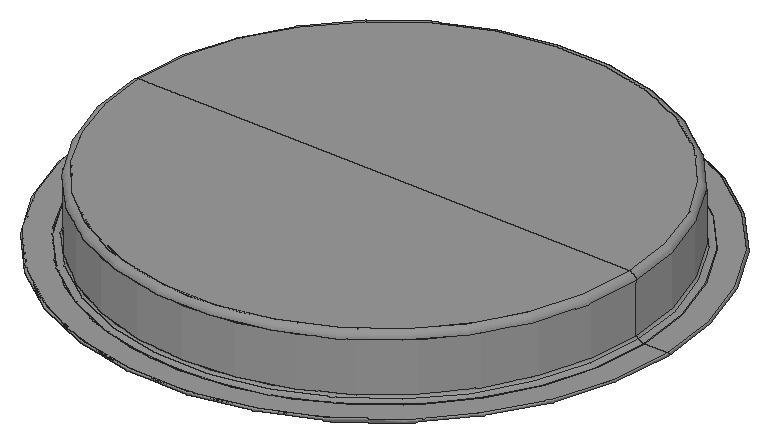
Revit family "MIA12_63_UN_Downlighter_ETK", category Lighting Fixtures, Revit 2017 (continued)
Definition of nested family "MIA.1 - Lightsource"
  Types (8, lengths in mm): name | Wattage | built-in parameter 1150134 | Photometric Web File | built-in parameter 1150142 | built-in parameter 1150105 | Lumens | built-in parameter 1150107 | built-in parameter 1150106
       317.2972 314.8072 312.5106 \r\n309.5975 306.3218 303.0219 299.8549 296.9781 293.2914 \r\n289.9674 286.5103 282.8599 279.1249 275.559 271.2559 \r\n267.7868 263.5441 259.2893 255.2278 250.9005 246.7908 \r\n242.0887 237.1208 232.6846 227.8375 223.7157 218.2763 \r\n212.8369 207.3976 202.3812 197.2924 192.2277 186.9334 \r\n181.7237 176.7194 171.4856 166.2758 160.6672 155.2158 \r\n149.8731 144.4216 138.9581 133.6275 128.4298 122.8938 \r\n117.2851 111.8095 106.4306 100.8582 95.3584 89.9432 84.4192 \r\n79.0886 73.758 68.234 62.9034 57.6454 52.4961 47.2984 \r\n42.1492 37.1449 32.2253 27.2936 22.4586 17.7203 13.0062 \r\n8.4492 4.0735 1.1121 0.0604 0.0604 0.0604 0.0604 0.0725 \r\n0.0725 0.0725 0.0846 0.0846 0.0967 0.1088 0.1209 0.1209 \r\n0.133 0.133 0.1571 0.1571 0.1692 0.1813 0.1813 0.1934 \r\n0.2055 0.2055 0.2176 0.2297 0.2297 0.2418 0.2538 0.2538 \r\n0.2659 0.2659 0.278 0.2901 0.2901 0.3022 0.3022 0.3143 \r\n0.3264 0.3264 0.3385 0.3385 0.3505 0.3505 0.3626 0.3626 \r\n0.3747 0.3868 0.3868 0.3868 0.411 0.411 0.4231 0.4231 \r\n0.4352 0.4352 0.4472 0.4472 0.4593 0.4593 0.4593 0.4714 \r\n0.4714 0.4714 0.4835 0.4835 0.4835 0.4956 0.4956 0.5198 \r\n0.5198 0.5319 0.5439 0.5439 0.556 0.5681 0.5802 0.5923 \r\n0.5923 0.6044 0.6044 0.6165 0.6165 0.6165 0.6165 0.6286 \r\n0.6286 0.6286 0.6286 0.6286 0.6286 0.6406 \r\n347.3105 347.2259 347.5644 346.8875 346.0776 344.0106 \r\n343.9018 343.2612 342.1612 340.5657 339.6833 338.0152 \r\n335.8637 334.2923 332.4066 330.5572 328.9254 326.3508 \r\n324.0904 321.5762 319.3521 316.4269 313.5501 311.0117 \r\n308.014 304.968 301.8373 297.9935 295.3947 291.9255 \r\n288.2872 284.9873 281.2764 277.2392 273.4437 269.5032 \r\n265.0671 261.2233 256.8113 253.3664 248.6402 244.1919 \r\n239.5503 235.223 230.5572 225.9398 221.0444 216.2456 \r\n211.2656 206.2734 201.4989 196.5188 191.1761 186.0389 \r\n180.8776 175.4382 170.1438 164.7286 159.2409 154.14 \r\n148.7489 143.2612 137.7372 132.189 126.9431 121.129 \r\n115.9072 110.4194 104.9317 99.4319 93.9925 88.4202 83.1621 \r\n77.6623 72.235 67.0615 61.6826 56.4366 51.1664 46.0534 \r\n40.9525 35.9483 30.9924 26.0486 21.274 16.4511 11.7732 \r\n7.2283 3.0219 0.689 0.0846 0.0846 0.0725 0.0725 0.0725 \r\n0.0725 0.0725 0.0725 0.0725 0.0846 0.0846 0.0967 0.0967 \r\n0.1088 0.1088 0.1209 0.133 0.1451 0.1571 0.1571 0.1692 \r\n0.1813 0.1813 0.1934 0.2055 0.2176 0.2176 0.2297 0.2297 \r\n0.2418 0.2538 0.2659 0.2659 0.278 0.278 0.278 0.2901 0.2901 \r\n0.3022 0.3143 0.3264 0.3264 0.3264 0.3385 0.3385 0.3505 \r\n0.3626 0.3626 0.3868 0.3868 0.3868 0.3989 0.3989 0.411 \r\n0.411 0.4231 0.4352 0.4352 0.4352 0.4352 0.4472 0.4472 \r\n0.4472 0.4593 0.4593 0.4593 0.4714 0.4714 0.4956 0.4956 \r\n0.5077 0.5077 0.5198 0.5439 0.556 0.556 0.556 0.5681 0.5802 \r\n0.5923 0.6165 0.6286 0.6286 0.6286 0.6406 0.6406 0.6406 \r\n0.6406 0.6406 0.6406 0.6406 \r\n346.7666 346.4402 345.9567 345.9446 345.3282 344.204 \r\n343.8293 342.4634 341.1822 340.2998 338.5833 337.3625 \r\n335.9362 333.8813 331.8143 330.2671 327.9463 326.0123 \r\n323.1234 320.851 318.8444 316.161 313.3084 309.9601 307.047 \r\n304.4119 301.0274 298.2352 294.5002 291.164 287.5257 284.25 \r\n280.6479 276.792 273.202 268.9955 264.7286 260.4497 \r\n256.6421 252.0972 247.9874 243.7689 239.3207 234.3406 \r\n229.9045 225.2992 220.0169 214.7347 209.4524 204.3515 \r\n199.033 194.0409 188.9399 184.0687 178.9073 173.8547 \r\n168.5241 163.121 157.8025 152.2422 146.8875 141.4481 \r\n136.0812 130.7869 125.1058 119.7026 114.3721 108.7997 \r\n103.3724 97.8605 92.4816 87.0543 81.6632 76.1876 70.7845 \r\n65.4901 60.1837 54.974 49.8006 44.5062 39.4778 34.4615 \r\n29.5298 24.719 19.896 15.1094 10.4557 5.9591 2.0911 0.2538 \r\n0.0725 0.0725 0.0725 0.0725 0.0725 0.0846 0.0846 0.0967 \r\n0.0967 0.1088 0.1209 0.1209 0.133 0.1451 0.1451 0.1571 \r\n0.1692 0.1692 0.1813 0.1934 0.1934 0.2176 0.2176 0.2297 \r\n0.2297 0.2418 0.2538 0.2538 0.2659 0.278 0.278 0.2901 \r\n0.2901 0.3022 0.3022 0.3143 0.3264 0.3264 0.3385 0.3385 \r\n0.3505 0.3505 0.3626 0.3626 0.3747 0.3747 0.3868 0.3868 \r\n0.3989 0.411 0.4231 0.4231 0.4352 0.4352 0.4472 0.4593 \r\n0.4593 0.4593 0.4714 0.4714 0.4714 0.4835 0.4835 0.4835 \r\n0.4835 0.4956 0.4956 0.5198 0.5198 0.5319 0.5439 0.556 \r\n0.556 0.5681 0.5802 0.5923 0.5923 0.6044 0.6044 0.6165 \r\n0.6165 0.6165 0.6165 0.6286 0.6286 0.6286 0.6286 0.6286 \r\n0.6286 0.6286 0.6406 \r\n348.3742 347.5281 347.0446 347.1171 345.6545 344.7842 \r\n343.8777 343.237 342.1008 340.3965 338.4987 337.5438 \r\n335.912 334.1956 332.2737 329.9529 327.7408 325.8915 \r\n323.3652 320.5488 318.3126 315.8226 312.6315 309.8392 \r\n307.0591 303.2636 300.5198 297.5341 294.0892 290.463 \r\n286.8609 282.6061 279.0161 275.5953 271.2438 267.8956 \r\n263.6287 259.6156 255.0465 251.1302 247.0688 241.9437 \r\n237.6163 232.9385 228.3694 223.6674 218.7598 213.8281 \r\n208.6547 204.0251 198.9605 194.1738 189.0729 183.6335 \r\n178.7381 173.4196 167.9197 162.7342 157.2465 151.8433 \r\n146.2106 140.8316 135.1988 129.832 124.308 118.7477 \r\n113.2117 107.7602 102.3208 97.099 91.5146 86.0389 80.5633 \r\n75.2206 69.7329 64.5111 59.2288 53.9707 48.7731 43.6359 \r\n38.6196 33.6637 28.732 23.7036 18.9653 14.2391 9.537 5.0888 \r\n1.5835 0.1451 0.0846 0.0846 0.0846 0.0846 0.0846 0.0846 \r\n0.0846 0.0846 0.0846 0.0846 0.0846 0.0967 0.0967 0.1209 \r\n0.1209 0.133 0.1451 0.1571 0.1571 0.1571 0.1692 0.1813 \r\n0.1934 0.2055 0.2055 0.2176 0.2297 0.2297 0.2418 0.2418 \r\n0.2538 0.2659 0.2659 0.278 0.278 0.2901 0.2901 0.3022 \r\n0.3022 0.3264 0.3264 0.3264 0.3264 0.3385 0.3385 0.3505 \r\n0.3626 0.3626 0.3747 0.3868 0.3868 0.3989 0.411 0.411 \r\n0.4231 0.4352 0.4352 0.4472 0.4472 0.4472 0.4472 0.4472 \r\n0.4472 0.4593 0.4593 0.4593 0.4714 0.4835 0.4956 0.4956 \r\n0.5077 0.5198 0.5319 0.5439 0.556 0.556 0.5681 0.5681 \r\n0.5802 0.5923 0.6165 0.6286 0.6406 0.6406 0.6406 0.6527 \r\n0.6527 0.6527 0.6648 0.6406 0.6406 \r\n347.794 347.371 346.549 345.9688 345.4491 344.1557 343.1403 \r\n342.959 341.8953 340.8316 339.2965 338.0152 336.5526 \r\n334.2439 332.5758 330.7385 328.2364 325.9277 323.6069 \r\n321.1531 318.0829 315.8951 312.9941 310.1777 306.8174 \r\n304.1702 301.0758 297.6429 294.3914 290.8014 287.2477 \r\n283.7906 280.1644 276.5623 272.1262 268.1736 264.1605 \r\n259.8936 255.7597 251.5774 246.4886 242.3305 237.8581 \r\n233.2165 228.6595 224.2596 218.8323 213.4051 207.9898 \r\n202.9373 197.8847 193.0134 188.0938 182.6544 177.2996 \r\n172.0778 166.6143 161.1386 155.9289 150.6588 145.3161 \r\n139.8042 134.3165 128.7199 123.3893 117.8049 112.4501 \r\n106.902 101.4384 95.9265 90.5597 84.9752 79.4875 74.1569 \r\n68.8867 63.5803 58.153 53.0037 47.8545 42.7052 37.6526 \r\n32.6725 27.7529 22.8938 18.0708 13.3688 8.7393 4.3757 \r\n1.2571 0.0725 0.0725 0.0725 0.0725 0.0846 0.0846 0.0967 \r\n0.1088 0.1088 0.1088 0.1209 0.133 0.1451 0.1451 0.1571 \r\n0.1571 0.1692 0.1813 0.1934 0.1934 0.2055 0.2055 0.2176 \r\n0.2297 0.2418 0.2418 0.2538 0.2659 0.2659 0.278 0.2901 \r\n0.3022 0.3022 0.3022 0.3143 0.3143 0.3264 0.3264 0.3385 \r\n0.3385 0.3505 0.3626 0.3626 0.3747 0.3747 0.3868 0.3989 \r\n0.3989 0.3989 0.411 0.4231 0.4352 0.4352 0.4472 0.4472 \r\n0.4593 0.4593 0.4714 0.4714 0.4835 0.4835 0.4835 0.4835 \r\n0.4835 0.4956 0.4956 0.5077 0.5077 0.5198 0.5319 0.5439 \r\n0.5439 0.556 0.556 0.5681 0.5802 0.5923 0.6044 0.6044 \r\n0.6165 0.6165 0.6165 0.6165 0.6286 0.6286 0.6286 0.6406 \r\n0.6406 0.6286 0.6286 0.6286 0.6406 \r\n346.5369 347.3589 346.6941 345.5578 344.8689 344.5546 \r\n343.6843 342.4755 341.2909 340.0701 337.979 336.4439 \r\n334.7033 332.878 330.8957 328.7804 326.242 324.5497 \r\n322.4828 319.6543 317.128 314.1061 311.5073 308.9568 \r\n306.1767 302.4538 299.6857 296.2045 292.9772 289.0729 \r\n285.5796 282.1588 278.4238 274.3503 270.4219 266.6747 \r\n262.3595 258.2618 253.7773 249.5105 245.026 240.8558 \r\n236.0571 231.5242 226.7376 221.9267 217.5269 212.4622 \r\n207.3009 202.3208 197.1232 192.2398 187.2598 182.1226 \r\n176.5623 171.4614 166.1912 160.8969 155.4817 150.1632 \r\n144.748 139.1877 133.6637 128.043 122.5553 117.1038 \r\n111.6403 106.1646 100.7011 95.2133 89.7981 84.5763 78.9073 \r\n73.6371 68.1857 63.0968 57.6816 52.5565 47.371 42.2338 \r\n37.1328 32.2495 27.342 22.4707 17.7324 13.0424 8.425 4.0856 \r\n1.1604 0.1088 0.0846 0.0846 0.0846 0.0846 0.0846 0.0846 \r\n0.0846 0.0846 0.0846 0.0846 0.0967 0.1088 0.1209 0.1209 \r\n0.133 0.1451 0.1451 0.1571 0.1692 0.1813 0.1813 0.2055 \r\n0.2055 0.2176 0.2176 0.2176 0.2297 0.2418 0.2538 0.2659 \r\n0.2659 0.2659 0.278 0.278 0.2901 0.2901 0.3022 0.3143 \r\n0.3264 0.3264 0.3264 0.3264 0.3385 0.3385 0.3505 0.3626 \r\n0.3747 0.3868 0.3868 0.3868 0.3989 0.411 0.411 0.4231 \r\n0.4352 0.4472 0.4352 0.4472 0.4472 0.4472 0.4472 0.4593 \r\n0.4593 0.4593 0.4593 0.4714 0.4714 0.4956 0.4956 0.5077 \r\n0.5077 0.5198 0.5319 0.556 0.556 0.556 0.5681 0.5681 0.5802 \r\n0.6044 0.6286 0.6286 0.6406 0.6406 0.6406 0.6648 0.6648 \r\n0.6648 0.6648 0.6527 0.6406 \r\n347.0688 347.0204 346.4402 345.8238 345.4249 344.7722 \r\n343.9502 343.0315 341.6536 340.2031 338.68 337.1812 \r\n335.2593 333.3011 331.3067 329.4935 327.5474 325.2025 \r\n322.7124 320.0894 317.3818 314.9039 312.3776 309.3678 \r\n306.5393 303.4329 300.133 296.8814 293.6299 290.0157 \r\n286.7158 282.8116 279.2095 275.2689 271.3042 267.0374 \r\n262.8792 258.8662 254.5509 250.3082 245.9567 241.5327 \r\n236.7098 232.2253 227.4024 223.1355 217.5269 211.9304 \r\n207.0833 202.1516 197.4374 192.0343 186.8004 181.9775 \r\n176.5986 171.2196 165.8286 160.5464 155.0949 149.6313 \r\n144.059 138.813 133.5187 127.9342 122.519 116.9709 111.5073 \r\n106.08 100.5681 95.1287 89.7377 84.3467 78.8469 73.3591 \r\n68.0648 62.6858 57.4761 52.2785 47.2138 42.0283 36.8911 \r\n31.9715 27.0277 22.1806 17.5148 12.7886 8.2558 3.9889 \r\n1.0758 0.0725 0.0725 0.0725 0.0846 0.0846 0.0846 0.0967 \r\n0.0967 0.1088 0.1209 0.1209 0.133 0.1451 0.1571 0.1571 \r\n0.1692 0.1813 0.1813 0.1934 0.2055 0.2176 0.2297 0.2297 \r\n0.2418 0.2418 0.2538 0.2659 0.2659 0.278 0.2901 0.2901 \r\n0.3022 0.3022 0.3143 0.3264 0.3264 0.3264 0.3385 0.3505 \r\n0.3505 0.3626 0.3626 0.3626 0.3747 0.3868 0.3868 0.3989 \r\n0.3989 0.411 0.411 0.4231 0.4352 0.4352 0.4472 0.4593 \r\n0.4593 0.4714 0.4714 0.4714 0.4835 0.4835 0.4835 0.4956 \r\n0.4956 0.4956 0.4956 0.5077 0.5077 0.5198 0.5319 0.5439 \r\n0.5439 0.556 0.5681 0.5681 0.5923 0.5923 0.6044 0.6044 \r\n0.6165 0.6286 0.6286 0.6286 0.6286 0.6286 0.6406 0.6406 \r\n0.6406 0.6406 0.6406 0.6406 0.6406 \r\n347.794 347.5885 347.0083 346.0293 345.9084 344.9776 \r\n343.4304 342.1612 341.9437 339.8404 338.813 337.3988 \r\n335.3922 333.5549 331.6088 329.7836 327.8134 325.42 \r\n322.7366 320.1982 317.5752 314.4446 312.148 309.4041 \r\n306.4547 302.8889 300.2176 296.5913 293.2431 289.5806 \r\n285.7851 282.7028 279.004 275.3052 270.8812 267.1945 \r\n262.9759 258.8058 254.3334 250.1632 245.7029 241.436 \r\n236.746 232.2495 227.5595 222.785 217.7324 213.0424 \r\n207.9778 203.1307 197.788 192.6508 187.707 182.8478 \r\n177.5656 172.2954 166.5659 161.3441 155.8564 150.5016 \r\n145.0381 139.7921 134.4252 128.4057 123.0992 117.4665 \r\n111.9666 106.4789 100.9791 95.576 90.0641 84.7576 79.2337 \r\n73.8184 68.4758 63.1452 57.8992 52.7257 47.5885 42.4755 \r\n37.3262 32.4066 27.4266 22.6399 17.8774 13.2117 8.6547 \r\n4.3032 1.2813 0.1088 0.0846 0.0846 0.0846 0.0846 0.0846 \r\n0.0846 0.0846 0.0846 0.0967 0.0967 0.0967 0.1088 0.1088 \r\n0.1209 0.133 0.1571 0.1571 0.1571 0.1692 0.1813 0.1934 \r\n0.2055 0.2176 0.2055 0.2176 0.2297 0.2418 0.2418 0.2538 \r\n0.2659 0.2659 0.278 0.278 0.2901 0.2901 0.3022 0.3264 \r\n0.3264 0.3264 0.3264 0.3264 0.3385 0.3505 0.3505 0.3505 \r\n0.3747 0.3747 0.3868 0.3868 0.3989 0.3989 0.3989 0.4231 \r\n0.4352 0.4352 0.4472 0.4472 0.4472 0.4472 0.4472 0.4593 \r\n0.4593 0.4593 0.4714 0.4714 0.4714 0.4714 0.4956 0.5077 \r\n0.5077 0.5077 0.5319 0.5319 0.556 0.556 0.556 0.5681 0.5802 \r\n0.5802 0.6044 0.6286 0.6406 0.6406 0.6527 0.6648 0.6769 \r\n0.6769 0.6769 0.6769 0.6527 0.6406 \r\n347.4918 347.4556 347.4556 346.5853 345.7633 345.2194 \r\n344.5062 343.2733 341.581 341.2426 340.5899 338.3053 \r\n336.4318 334.5582 333.3495 331.8627 329.8682 327.2211 \r\n325.4805 323.4014 320.7422 318.4093 315.6171 312.7644 \r\n309.3195 306.4668 303.6383 300.0363 296.7243 292.7354 \r\n290.6322 287.6224 283.5489 279.7292 275.5107 271.7152 \r\n266.9527 264.6803 259.1563 254.9015 250.1994 246.0413 \r\n241.3756 237.3262 232.6363 228.0189 222.9542 217.9862 \r\n212.704 207.5184 202.7076 197.5221 192.4816 187.1389 \r\n182.4006 176.5744 171.0141 165.5627 160.4134 154.841 \r\n148.9061 143.4063 137.8944 132.2857 126.5079 121.0081 \r\n115.2665 109.5975 103.9284 98.2594 93.1222 87.0301 81.8687 \r\n76.1272 70.5669 65.0792 59.8453 54.2488 49.039 43.8051 \r\n38.5713 33.5308 28.4661 23.5223 18.6389 13.8523 9.1261 4.69 \r\n1.4868 0.1571 0.133 0.133 0.133 0.133 0.1451 0.1451 0.1451 \r\n0.1451 0.1451 0.1451 0.1451 0.1571 0.1692 0.1813 0.1934 \r\n0.2055 0.2055 0.2176 0.2297 0.2418 0.2538 0.2659 0.2659 \r\n0.278 0.2901 0.3022 0.3143 0.3264 0.3264 0.3385 0.3385 \r\n0.3505 0.3626 0.3626 0.3747 0.3747 0.3868 0.3989 0.3989 \r\n0.411 0.411 0.4352 0.4352 0.4352 0.4472 0.4472 0.4472 \r\n0.4593 0.4714 0.4714 0.4835 0.4835 0.4956 0.4956 0.4956 \r\n0.5077 0.5077 0.5077 0.5198 0.5319 0.5439 0.5439 0.5439 \r\n0.556 0.556 0.556 0.556 0.556 0.556 0.556 0.556 0.556 0.556 \r\n0.556 0.556 0.556 0.556 0.5681 0.5681 0.5802 0.5802 0.6165 \r\n0.6406 0.6648 0.6648 0.6769 0.6769 0.6769 0.6769 0.6769 \r\n0.6406 \r\n348.6764 349.6434 348.4468 348.1446 347.9753 346.8512 \r\n345.9688 344.9535 344.337 342.7535 342.1612 341.3151 \r\n338.7526 337.5076 335.6098 334.1593 331.3187 329.8924 \r\n327.487 326.0002 322.9058 320.3916 317.6115 315.1457 \r\n312.3414 309.4524 306.0558 303.2757 299.9637 296.6759 \r\n292.9772 289.6531 286.1235 282.4973 277.9524 274.169 \r\n270.2889 266.1912 262.1903 257.6212 253.1971 248.8215 \r\n244.3612 239.635 235.078 230.666 225.6739 220.1499 214.6259 \r\n209.114 204.279 198.9846 193.7024 188.4806 183.2346 \r\n177.9886 172.5734 166.989 161.4287 155.9531 150.5137 \r\n144.8809 139.3207 133.5912 128.0068 122.374 116.7412 \r\n111.2897 105.6086 99.6736 93.9079 88.4564 82.9566 77.3963 \r\n71.9811 66.4451 60.9452 55.7355 50.1994 44.9414 39.6229 \r\n34.5703 29.4694 24.4893 19.5455 14.7105 10.0447 5.4998 \r\n1.8252 0.1934 0.1088 0.1088 0.1209 0.1209 0.1209 0.1209 \r\n0.133 0.133 0.1451 0.1571 0.1571 0.1813 0.1934 0.2055 \r\n0.2055 0.2176 0.2297 0.2418 0.2538 0.2538 0.2659 0.278 \r\n0.2901 0.2901 0.3022 0.3143 0.3264 0.3385 0.3385 0.3505 \r\n0.3626 0.3747 0.3747 0.3868 0.3868 0.3868 0.3989 0.411 \r\n0.4231 0.4352 0.4352 0.4472 0.4472 0.4593 0.4593 0.4714 \r\n0.4714 0.4835 0.4956 0.4956 0.4956 0.4956 0.5077 0.5077 \r\n0.5198 0.5198 0.5319 0.5319 0.5319 0.5319 0.5319 0.5319 \r\n0.5439 0.5439 0.5439 0.5439 0.5439 0.5439 0.5439 0.5439 \r\n0.5439 0.5439 0.556 0.556 0.5681 0.5681 0.5681 0.5802 \r\n0.5923 0.5923 0.6044 0.6406 0.6527 0.6527 0.6648 0.6648 \r\n0.6648 0.6769 0.6648 0.6406 0.6406 \r\n347.5281 347.8666 347.5765 347.105 347.7094 346.2952 \r\n345.2677 344.059 343.6238 343.5392 342.2217 340.336 \r\n339.1515 337.4109 335.5494 333.4582 331.2825 329.5177 \r\n327.354 325.3596 323.0751 320.8751 317.7807 314.5171 \r\n312.2326 309.5491 306.1525 302.623 299.5528 296.41 293.6057 \r\n290.197 286.2202 282.3039 278.448 275.1481 270.8933 266.711 \r\n262.0815 258.008 253.4147 248.8336 244.6271 240.1547 \r\n235.5373 230.4364 225.831 221.3345 216.1731 210.8546 \r\n205.6086 200.6527 195.6364 190.2816 185.1082 179.56 174.169 \r\n168.7296 163.2902 158.1289 152.4235 146.6578 141.0371 \r\n135.3197 129.6869 124.0662 118.3609 112.7402 107.1437 \r\n101.5472 95.9023 90.3179 84.6005 78.9556 73.3591 67.823 \r\n62.3837 57.1256 51.6016 46.2952 41.0734 36.0087 30.8715 \r\n25.8068 20.863 16.0039 11.2535 6.6481 2.623 0.5319 0.133 \r\n0.133 0.133 0.133 0.133 0.133 0.133 0.133 0.133 0.133 \r\n0.1451 0.1571 0.1692 0.1692 0.1813 0.1934 0.2055 0.2176 \r\n0.2176 0.2176 0.2418 0.2418 0.2659 0.2659 0.278 0.278 \r\n0.2901 0.3022 0.3264 0.3264 0.3264 0.3385 0.3505 0.3505 \r\n0.3505 0.3626 0.3626 0.3868 0.3868 0.3868 0.3989 0.411 \r\n0.4231 0.4352 0.4352 0.4472 0.4472 0.4472 0.4593 0.4593 \r\n0.4714 0.4835 0.4956 0.4956 0.4956 0.4956 0.4956 0.5077 \r\n0.5077 0.5198 0.5198 0.5439 0.556 0.556 0.556 0.556 0.556 \r\n0.556 0.556 0.556 0.556 0.556 0.556 0.556 0.556 0.556 0.556 \r\n0.556 0.556 0.556 0.5681 0.6165 0.6406 0.6406 0.6648 0.6769 \r\n0.6769 0.6769 0.6769 0.6648 0.6406 \r\n348.1083 347.1534 347.3831 347.4918 347.3347 346.5248 \r\n346.0051 345.2436 343.648 342.7656 341.4843 340.4569 \r\n339.1635 337.5317 336.3472 334.3527 332.4791 330.4605 \r\n328.2364 326.0002 323.6
      069 321.0564 318.2159 316.294 \r\n312.4622 310.3227 307.2404 303.6504 301.0879 297.6188 \r\n294.1376 290.463 287.1993 283.5368 279.7534 275.7283 \r\n272.2833 268.0285 263.5441 259.386 255.4212 250.3082 \r\n246.3798 241.8107 237.3746 232.455 227.6562 223.6311 \r\n218.0104 212.3897 206.7811 201.6923 196.4463 191.2003 \r\n185.8576 180.8292 175.281 169.5757 164.2814 158.8904 \r\n153.5598 147.9874 142.5239 136.7944 131.2462 125.5893 \r\n119.8598 113.9732 108.4733 102.7922 97.244 91.6959 86.1114 \r\n80.5028 74.8942 69.3582 63.8704 58.3464 53.0521 47.7336 \r\n42.5239 37.2416 32.177 27.209 22.2289 17.3577 12.571 7.9778 \r\n3.59 0.9791 0.0967 0.1088 0.1088 0.1088 0.1209 0.1209 0.133 \r\n0.133 0.1451 0.1571 0.1571 0.1692 0.1813 0.1813 0.1934 \r\n0.2055 0.2176 0.2297 0.2297 0.2418 0.2538 0.2538 0.2659 \r\n0.278 0.2901 0.3022 0.3143 0.3264 0.3264 0.3385 0.3505 \r\n0.3505 0.3626 0.3747 0.3747 0.3747 0.3868 0.3989 0.3989 \r\n0.411 0.4231 0.4231 0.4352 0.4472 0.4593 0.4593 0.4593 \r\n0.4714 0.4714 0.4835 0.4956 0.4956 0.4956 0.4956 0.5077 \r\n0.5198 0.5198 0.5198 0.5198 0.5198 0.5198 0.5198 0.5198 \r\n0.5319 0.5319 0.5319 0.5319 0.5319 0.5319 0.5319 0.5439 \r\n0.5439 0.5439 0.556 0.556 0.556 0.5681 0.5681 0.5802 0.5923 \r\n0.6044 0.6165 0.6165 0.6286 0.6406 0.6406 0.6527 0.6406 \r\n0.6406 0.6406 0.6406 \r\n347.5765 347.5039 347.6852 347.6611 346.96 345.9446 \r\n345.3403 344.8809 343.7931 343.1887 341.9195 340.3239 \r\n338.9581 337.435 335.767 334.0505 332.2253 330.0979 \r\n328.4177 326.0002 323.7278 321.2982 318.6631 316.1247 \r\n313.2842 310.0085 307.3009 304.2065 300.9428 297.3891 \r\n294.0529 290.6805 287.5982 283.8994 280.0677 276.526 \r\n272.4163 268.2945 264.1243 260.1837 255.8806 251.5412 \r\n246.8633 242.3063 238.0998 232.9868 228.2727 223.5586 \r\n218.4939 213.2842 208.3646 203.5054 198.5011 193.2793 \r\n188.3839 182.872 176.9975 171.6548 166.3121 161.1266 \r\n155.6872 149.9214 144.2766 138.5713 133.0231 127.2332 \r\n121.7938 115.9797 110.3832 104.7867 99.178 93.4969 87.985 \r\n82.2434 76.7799 71.0988 65.6956 60.3409 54.9377 49.6313 \r\n44.2403 39.0668 33.8934 28.8166 23.8487 18.9653 14.1787 \r\n9.4524 4.9438 1.5472 0.1692 0.1209 0.133 0.133 0.133 0.133 \r\n0.133 0.133 0.133 0.133 0.133 0.1451 0.1451 0.1571 0.1692 \r\n0.1692 0.1813 0.1934 0.2055 0.2176 0.2176 0.2297 0.2418 \r\n0.2659 0.2659 0.2659 0.278 0.2901 0.2901 0.3143 0.3143 \r\n0.3264 0.3385 0.3385 0.3385 0.3505 0.3505 0.3747 0.3868 \r\n0.3868 0.3868 0.3989 0.411 0.4231 0.4231 0.4352 0.4472 \r\n0.4472 0.4472 0.4593 0.4593 0.4714 0.4835 0.4835 0.4835 \r\n0.4956 0.4956 0.4956 0.5077 0.5077 0.5198 0.5198 0.5319 \r\n0.5319 0.5319 0.5319 0.5319 0.5319 0.5319 0.5319 0.5439 \r\n0.5439 0.5439 0.5439 0.5439 0.5439 0.5439 0.556 0.556 0.556 \r\n0.5802 0.6165 0.6286 0.6406 0.6527 0.6769 0.6769 0.6769 \r\n0.6769 0.6648 0.6406 \r\n347.3105 347.3226 348.0358 346.96 347.0446 346.1018 \r\n345.4853 345.3282 344.4337 344.1436 342.2096 341.5569 \r\n340.1426 338.7405 336.8669 335.1021 333.1198 331.1495 \r\n329.4331 326.9914 325.6134 322.3982 320.6213 318.2521 \r\n314.9281 311.7732 309.2228 306.5152 302.7439 299.867 \r\n296.3254 293.1222 289.2784 286.4015 282.1347 278.1941 \r\n274.5195 270.857 266.2517 262.154 258.2497 253.5477 \r\n249.3171 245.0864 240.6382 235.8153 231.4517 226.6771 \r\n221.0927 215.5083 209.9238 204.5449 199.2143 193.9562 \r\n189.2663 183.706 178.5084 173.4075 168.5604 162.9397 \r\n157.186 151.5895 146.1743 140.3965 134.7879 128.9254 \r\n123.2806 117.817 112.2688 106.4064 100.9428 95.1529 89.4718 \r\n84.0566 78.4117 72.8514 67.3033 61.9122 56.5454 51.106 \r\n45.86 40.602 35.4043 30.3276 25.3113 20.3916 15.4599 \r\n10.8062 6.1767 2.212 0.3505 0.0967 0.1088 0.1088 0.1088 \r\n0.1209 0.1209 0.133 0.133 0.1451 0.1451 0.1571 0.1692 \r\n0.1813 0.1934 0.1934 0.2055 0.2176 0.2176 0.2418 0.2418 \r\n0.2538 0.2538 0.2659 0.278 0.2901 0.3022 0.3143 0.3264 \r\n0.3264 0.3385 0.3505 0.3626 0.3626 0.3626 0.3747 0.3747 \r\n0.3868 0.3989 0.411 0.4231 0.4231 0.4231 0.4352 0.4472 \r\n0.4593 0.4593 0.4714 0.4714 0.4835 0.4956 0.4956 0.5077 \r\n0.5077 0.5077 0.5198 0.5198 0.5198 0.5319 0.5319 0.5319 \r\n0.5319 0.5319 0.5319 0.5319 0.5319 0.5319 0.5319 0.5319 \r\n0.5439 0.5439 0.5439 0.5439 0.556 0.556 0.556 0.5681 0.5681 \r\n0.5802 0.5923 0.5923 0.6044 0.6044 0.6165 0.6165 0.6286 \r\n0.6286 0.6286 0.6286 0.6286 0.6406 \r\n" | 79.577 (stored number, unit not read) | 1000 lm | 3000 (stored number, unit not read) | 0.79577 (stored number, unit not read)
